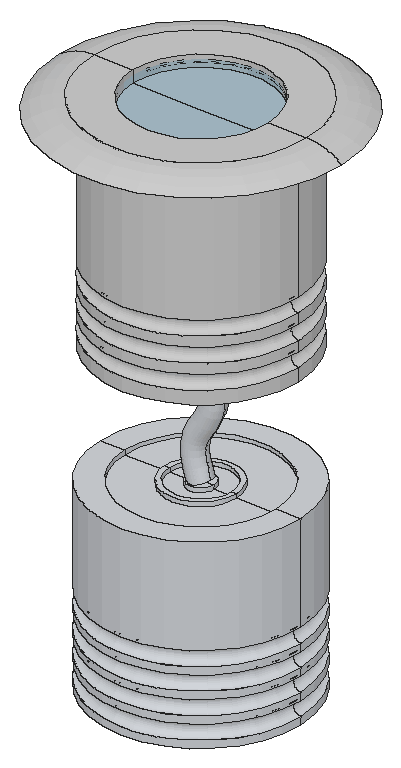
Revit family "SLIM INGROUND 2W SIMETRICO_LKB0126WW.15", category Luminarias, Revit 2019
Family settings
  Cota de conector redondo = Diámetro de uso
  Tipo de pieza = Normal
  Se basa en plano de trabajo = Sí
  Siempre vertical = No
  Corte con vacíos al cargar = No
  Origen de luz = Sí
  Compartido = No
  Punto de cálculo de habitación = No
Parameters (values of type "EMP_LKB0126WW.15")
  Ángulo de inclinación = 30.00°
  Ángulo de enfoque = 15.00°
  Ángulo de campo de foco = 15.00°
  Zone [instance] = ""
  Watt per fixture = 3.2
  Wattage = 3.2 W
  built-in parameter 1150107 = 3000 (stored number, unit not read)
  built-in parameter 1150110 = 1 (stored number, unit not read)
  built-in parameter 1150109 = 1 (stored number, unit not read)
  built-in parameter 1150112 = 1 (stored number, unit not read)
  built-in parameter 1150113 = 1 (stored number, unit not read)
  built-in parameter 1114218 = 1 (stored number, unit not read)
  Keynote = ""
  built-in parameter 1150137 = (empty or 0)
  built-in parameter 1150132 = (empty or 0)
  Modelo = "LKB0126WW.15"
  Lámpara = "OSRAM"
  Longitud de símbolo de origen de luz = 500 mm
  built-in parameter 1150105 = 2835.1 (stored number, unit not read)
  built-in parameter 1150102 = (empty or 0)
  built-in parameter 1150106 = 28.351 (stored number, unit not read)
  Lumens = 109.984 lm
  Color Filter = 16777215
  built-in parameter 1114217 = 1 (stored number, unit not read)
  built-in parameter 1150139 = (empty or 0)
  Fabricante = "BRILLANT"
  Default Elevation = 0 mm
  built-in parameter 1150104 = 3.1931 (stored number, unit not read)
  Descripción = "LUMINARIA TIPO CIRCULAR PARA EMPOTRAR EN PISO CON CUERPO DE ALUMINIO FUNDIDO A PRESION CUBIERTO CON POLVO GRIS OSCURO, CON CUBIERTA DE ACERO INOXIDABLE Y VIDRIO TEMPLADO DE 7MM, INSTALACION EMPOTRABLE EN PISO CON POCO ESPACIO, USO PARA INTERIORES COMO EXTERIORES CON IP 67, CUENTA CON 1 LED TIPO OSRAM CON UNA POTENCIA TOTAL DE 3.2W, A UNA TEMPERATURA EN BLANCO CALIDO 3000K CON 110 LUMENES, 46mA EN CORRIENTE DE OPERACIÓN, IK08, IRC 80, DISPONIBLE PARA ATENUAR EN TRIAC, APERTURA EN 15 GRADOS POR PROYECTO, ALIMENTADA A 100-240V"
  built-in parameter 1150115 = 1 (stored number, unit not read)
  built-in parameter 1150114 = 1 (stored number, unit not read)
  Comentarios de vataje = "100-240V"
  built-in parameter 1150138 = (empty or 0)
  built-in parameter 1150134 = (empty or 0)
  Circuit [instance] = ""
  Dimming Lamp Color Temperature Shift = (empty or 0)
  built-in parameter 1150133 = 10 (stored number, unit not read)
Reference planes
  plane 1 "Centro (Frontal/Posterior)": y = 0
  plane 2: z = 0
  plane 3 "Centro (Izquierda/Derecha)": x = 0
  plane 4: z = -43
  plane 5: z = -43
Forms (mm)
  Revolve 1, solid, material "Acero Inoxidable"
    sketch origin (0, 0, 0) x (1, 0, 0) y (0, 0, 1)
      loop
        line (-13.888, 2.379) -> (-21.807, 2.379)
        arc (-21.807, 2.379) -> (-25.595, 1.769) -> (-29, 0) r 12.065
        line (-29, 0) -> (-20, 0) -> (-20, -27.422)
        arc (-20, -27.422) -> (-18.501, -28.92) -> (-20, -30.419) r 1.499
        line (-20, -30.419) -> (-20, -32.422)
        arc (-20, -32.422) -> (-18.501, -33.92) -> (-20, -35.419) r 1.499
        line (-20, -35.419) -> (-20, -37.422)
        arc (-20, -37.422) -> (-18.501, -38.92) -> (-20, -40.419) r 1.499
        line (-20, -40.419) -> (-20, -43) -> (0, -43) -> (0, 0) -> (-13.888, 0) -> (-13.888, 2.379)
      axis (0, 2.379) -> (0, -43)
    angle from 0 to 360
  Extrusion 2, solid, material "Cristal"
    sketch origin (0, 0, 0) x (1, 0, 0) y (0, 1, 0)
      loop
        circle (0, 0) r 13.888
    from 0.921 to 1.499
  Revolve 3, solid
    sketch origin (0, 0, 0) x (1, 0, 0) y (0, 0, 1)
      loop
        line (0, -68) -> (-2.74, -68) -> (-2.74, -68.8) -> (-6.359, -68.8) -> (-6.359, -68) -> (-7.33, -68) -> (-7.33, -68.8) -> (-15.5, -68.8) -> (-15.5, -68) -> (-20.5, -68) -> (-20.5, -87.886)
        arc (-20.5, -87.886) -> (-19, -89.386) -> (-20.5, -90.886) r 1.5
        line (-20.5, -90.886) -> (-20.5, -92.386)
        arc (-20.5, -92.386) -> (-19, -93.886) -> (-20.5, -95.386) r 1.5
        line (-20.5, -95.386) -> (-20.5, -96.886)
        arc (-20.5, -96.886) -> (-19, -98.386) -> (-20.5, -99.886) r 1.5
        line (-20.5, -99.886) -> (-20.5, -101.386)
        arc (-20.5, -101.386) -> (-19, -102.886) -> (-20.5, -104.386) r 1.5
        line (-20.5, -104.386) -> (-20.5, -105.886) -> (-5.287, -105.886) -> (-5.287, -106.7) -> (-3.687, -106.7) -> (-3.687, -107.5) -> (0, -107.5) -> (0, -68)
      axis (0, -107.5) -> (0, -68)
    angle from 0 to 360
  Sweep 4, solid
    path origin (0, 0, 0) x (1, 0, 0) y (0, 0, 1)
      loop
        spline (0, -43) -> (1.657, -46.367) -> (2.52, -49.202) -> (2.752, -51.568) -> (2.514, -53.527) -> (1.969, -55.145) -> (1.246, -56.519) -> (0.453, -57.778) -> (-0.303, -59.048) -> (-0.913, -60.464) -> (-1.208, -62.242) -> (-0.975, -64.66) -> (0, -68)
    profile origin (1.246, 0, -56.519) x (0.858036, 0, -0.513589) y (0, -1, 0)
      loop
        circle (0, 0) r 2.272
Dimensions and locks
  level to plane 4 = 43 mm
  plane 2 to plane 5 = 43 mm
  aligned and locked: level to plane 2
Connectors
  electrical at (0, 0, -107.5)
    settings: on Revolve 3, index 1, voltage 240 V, apparent load 0 VA, apparent load phase1 0 VA, apparent load phase2 0 VA, apparent load phase3 0 VA, power factor 1, load classification "Otro", number of poles 1, system type 31, power factor state 1, is connector primary yes, connector utility no, sub classification motor no, connector description ""
